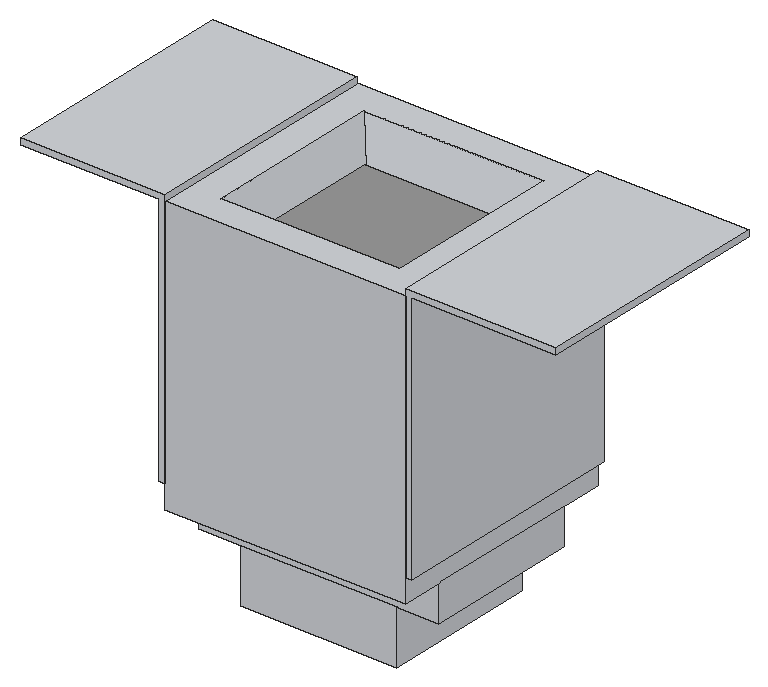
Revit family "2061055 Sylvania Lighting Fixture DOMINO 1xLED 940 BLACK MB TRIMLESS WHITE", category Lighting Fixtures, host Face, Revit 2018
Family settings
  Host = Face
  Round Connector Dimension = Use Diameter
  Part Type = Normal
  OmniClass Number = 23.80.70.00
  OmniClass Title = Lighting
  Cut with Voids When Loaded = No
  Light Source = Yes
  Shared = No
  Room Calculation Point = No
Parameters (values of type "2061055 DOMINO 1XLED 940 BLACK MB TS WHT ")
  top top width = 15.812 mm
  top top length = 26 mm
  bracket height = 42 mm
  Width = 50 mm
  Weight = "n/a"
  Wattage Comments = ""
  Wattage = 9.2903 W
  WarrantyStartDate [instance] = "n/a"
  WarrantyGuarantorParts = "n/a"
  WarrantyDurationUnit = "n/a"
  WarrantyDurationParts = ""
  WarrantyDescription = "http://www.sylvania-lighting.com"
  built-in parameter 1150110 = 1 (stored number, unit not read)
  Voltage = 0 V
  URL = "0.6"
  TypeName = "DOMINO 1xLED 940 BLACK MB TRIMLESS WHITE"
  Type Image = <None>
  Type Comments = "n/a"
  built-in parameter 1114217 = 1 (stored number, unit not read)
  Top Width = 26 mm
  Tilt Angle = 90.00°
  built-in parameter 1150109 = 1 (stored number, unit not read)
  built-in parameter 1150134 = 3
  built-in parameter 1150113 = 1 (stored number, unit not read)
  SerialNumber [instance] = "n/a"
  Recessed Width = 43 mm
  Recessed Length = 43 mm
  Photometric Web File = "2061055.ies"
  Material_3_FEILO = none
  PowerFactor = 0
  PowerConsumption = "Lighting"
  NominalLength = 40 mm
  NominalHeight = 0 mm
  NominalDepth = 0 mm
  Name = "DOMINO 1xLED 940 BLACK MB TRIMLESS WHITE"
  ModelReference = Name  # "DOMINO 1xLED 940 BLACK MB TRIMLESS WHITE"
  ModelNumber = "2061055"
  Model = Name  # "DOMINO 1xLED 940 BLACK MB TRIMLESS WHITE"
  Material = "Feilo Sylvania"
  ManufacturerName = "48 lm/W"
  Manufacturer = ""
  LuminousEfficacy = ""
  built-in parameter 1150105 = 109.82 (stored number, unit not read)
  Lumens = 1380 lm
  LuminaireType = "0"
  built-in parameter 1150115 = 1 (stored number, unit not read)
  LightOutputRatio = "LED"
  built-in parameter 1150137 = (empty or 0)
  built-in parameter 1150139 = (empty or 0)
  Lens inside recess = 25 mm
  Lens Width = 32 mm
  Lens Outside recess = 31.978 mm
  Lens = Glass, White, High Luminance
  Length = 50 mm
  LampsType = Lamp  # "n/a"
  LampNominalLuminous = "4000 K"
  LampMacAdamStep = "90"
  LampColourTemperature = "LED"
  LampColourRenderingIndex = "16500"
  built-in parameter 1150112 = 1 (stored number, unit not read)
  built-in parameter 1150114 = 1 (stored number, unit not read)
  Lamp = "n/a"
  Keynote = "n/a"
  InstallationDate [instance] = "n/a"
  InputVoltage = "0"
  InputNominalFrequency = "4000"
  built-in parameter 1150132 = (empty or 0)
  built-in parameter 1150102 = (empty or 0)
  built-in parameter 1150107 = 3200 (stored number, unit not read)
  built-in parameter 1150138 = (empty or 0)
  IngressProtection = "IfcLightFixtureType"
  ImpactProtectionIndex = "IfcLightFixtureType"
  built-in parameter 1150106 = 1.0982 (stored number, unit not read)
  IfcExportType = "IfcLightFixtureType"
  IfcExportAs = "Class II"
  Facia internal width = 37 mm
  Facia internal length = 37 mm
  Facia Height = 2 mm
  ExpectedLife = 50000
  Emit from Circle Diameter = 609.6 mm
  Emit Shape Visible in Rendering = no
  ElectricShockClassification = "48"
  built-in parameter 1150104 = 13.8 (stored number, unit not read)
  DurationUnit = "hours"
  DocumentationLiterature = "http://www.sylvania-lighting.com/product/en-int/products/2061055"
  DimmingControlOptions = "n/a"
  Material_2_FEILO = none
  Dimming Lamp Color Temperature Shift = <None>
  Description = "Modular LED recessed linear spotlight, ideal for retail and hospitality applications. Die-cast aluminium body, passive cooling. Two levels of reflector installation, low glaring UGR<16. 1x LED source, 30° beam angle , optics: PMMA lens and polycarbonate reflector combination, Black matt reflector finish. Light color temperature: 4000K neutral white, total system power: 4W , total fixture lumen output: 190lm, efficacy: 48 lm/W, Ra90 typical, LED chromacity: 3 step MacAdam ellipse (SDCM3), lifespan: 96,000 hours at 90% of the original output (L90B10), IR/UV free light source without heat radiation, operating voltage: 220-240V / 50-60Hz, electronic driver, ultra low flicker, non-dimmable , electrical protection: Class II. Degree of Protection: IP40/IP20, suitable for indoor environment only. Ceiling cut-out: 42x42mm, outer dimensions:  40x40mm , trimless frame RAL 9016 - Traffic white / Bezel color.5 years Warranty."
  Default Elevation = 1219.2 mm
  CreatedOn = "11/02/2021"
  CreatedBy = "@sylvania-lighting.com"
  Cost = 0
  Color Filter = 16777215
  built-in parameter 1114216 [instance] = (empty or 0)
  ClassificationValue = "EF_70_80"
  ClassificationName = "Uniclass2015"
  Material_1_FEILO = none
  Body Width = 40 mm
  Body Length = 40 mm
  BarCode [instance] = "n/a"
  built-in parameter 1114218 = 1 (stored number, unit not read)
  built-in parameter 1150133 = 10 (stored number, unit not read)
  AssetType = "Fixed"
  AssetIdentifier [instance] = "n/a"
  Assembly Code = "D5020200"
  Apparent Load = 4 VA
  Material_4_FEILO = none
Reference planes
  plane 1 "Center (Front/Back)": y = 0
  plane 2: z = 0
  plane 3 "Center (Left/Right)": x = 0
  plane 4: z = 0
  plane 5: z = -7
  plane 6: z = -45.895
  plane 7: z = -51.895
  plane 8: z = -60.895
  plane 9: x = -21.5
  plane 10: x = 21.5
  plane 11: y = 21.5
  plane 12: y = -21.5
  plane 13: x = -25
  plane 14: x = 25
  plane 15: y = 25
  plane 16: y = -25
  plane 17: x = 18.5
  plane 18: x = -18.5
  plane 19: y = 18.5
  plane 20: y = -18.5
  plane 21: z = 2
  plane 22: x = -20
  plane 23: x = 20
  plane 24: y = 20
  plane 25: y = -20
  plane 26: y = 13
  plane 27: y = -13
  plane 28: y = 16
  plane 29: y = -16
  plane 30: x = 13
  plane 31: x = -13
  plane 32: x = -15.772
  plane 33: x = 16.206
  plane 34: y = 12.5
  plane 35: y = -12.5
  plane 36: x = -12.5
  plane 37: x = 12.5
  plane 38: z = -42
  plane 39: x = -44
  plane 40: z = 0.969
  plane 41: x = -21
  plane 42: x = 21
  plane 43: x = 45
Forms (mm)
  Extrusion 1, solid, not visible, detail levels medium+fine
    sketch origin (4.2, 0, 0) x (1, 0, 0) y (0, 1, 0)
      loop
        line (-29.2, 34.5) -> (-29.2, -34.5) -> (20.8, -34.5) -> (20.8, 34.5) -> (-29.2, 34.5)
    from 0 to 1
  Extrusion 2, solid, not visible, detail levels medium+fine
    sketch origin (4.044, 0, 0) x (1, 0, 0) y (0, 1, 0)
      loop
        line (-29.2, 34.5) -> (-29.2, -34.5) -> (20.8, -34.5) -> (20.8, 34.5) -> (-29.2, 34.5)
    from 0 to 1
  Blend 3, solid, not visible, detail levels medium+fine
    base sketch origin (4.2, 0, 0) x (1, 0, 0) y (0, 1, 0)
      loop
        line (-29.2, 34.5) -> (-29.2, -34.5) -> (20.8, -34.5) -> (20.8, 34.5) -> (-29.2, 34.5)
    top sketch origin (4.2, 0, 0) x (1, 0, 0) y (0, 1, 0)
      loop
        line (-21.7, 28) -> (-21.7, -28) -> (13.3, -28) -> (13.3, 28) -> (-21.7, 28)
    from 1 to 3
  Extrusion 4, solid, not visible, detail levels medium+fine
    sketch origin (3.419, 0, 0) x (1, 0, 0) y (0, 1, 0)
      loop
        line (-29.2, 34.5) -> (-29.2, -34.5) -> (20.8, -34.5) -> (20.8, 34.5) -> (-29.2, 34.5)
    from 0 to 1
  Blend 5, solid, not visible, detail levels medium+fine
    base sketch origin (3.575, 0, 0) x (1, 0, 0) y (0, 1, 0)
      loop
        line (-29.2, 34.5) -> (-29.2, -34.5) -> (20.8, -34.5) -> (20.8, 34.5) -> (-29.2, 34.5)
    top sketch origin (3.575, 0, 0) x (1, 0, 0) y (0, 1, 0)
      loop
        line (-21.7, 28) -> (-21.7, -28) -> (13.3, -28) -> (13.3, 28) -> (-21.7, 28)
    from 1 to 3
  Extrusion 6, solid, not visible, detail levels medium+fine
    sketch origin (4.247, 0, 0) x (1, 0, 0) y (0, 1, 0)
      loop
        line (-29.2, 34.5) -> (-29.2, -34.5) -> (20.8, -34.5) -> (20.8, 34.5) -> (-29.2, 34.5)
    from 0 to 1
  Blend 7, solid, not visible, detail levels medium+fine
    base sketch origin (4.403, 0, 0) x (1, 0, 0) y (0, 1, 0)
      loop
        line (-29.2, 34.5) -> (-29.2, -34.5) -> (20.8, -34.5) -> (20.8, 34.5) -> (-29.2, 34.5)
    top sketch origin (4.403, 0, 0) x (1, 0, 0) y (0, 1, 0)
      loop
        line (-21.7, 28) -> (-21.7, -28) -> (13.3, -28) -> (13.3, 28) -> (-21.7, 28)
    from 1 to 3
  Extrusion 8, void, detail levels medium+fine
    sketch origin (4.2, 0, 0) x (0, 1, 0) y (1, 0, 0)
      loop
        line (21.5, -25.7) -> (21.5, 17.3) -> (-21.5, 17.3) -> (-21.5, -25.7) -> (21.5, -25.7)
    from -9.934 to 83.097
  Extrusion 9, solid, detail levels medium+fine
    sketch origin (4.2, 0, 0) x (1, 0, 0) y (0, 1, 0)
      loop
        line (-24.2, 20) -> (-24.2, -20) -> (15.8, -20) -> (15.8, 20) -> (-24.2, 20)
    from 0 to -45.895
  Extrusion 10, solid, detail levels medium+fine
    sketch origin (4.2, 0, 0) x (1, 0, 0) y (0, 1, 0)
      loop
        line (-24.2, 13) -> (-24.2, -13) -> (15.8, -13) -> (15.8, 13) -> (-24.2, 13)
    from -51.895 to -45.895
  Extrusion 11, solid, material "Glass, White, High Luminance" <- "Lens", detail levels fine
    sketch origin (13.547, 1218.849, 36.156) x (1, 0, 0) y (0, 1, 0)
      loop
        line (-26.047, -1206.7) -> (-26.047, -1231.7) -> (-1.047, -1231.7) -> (-1.047, -1206.7) -> (-26.047, -1206.7)
    from -43.156 to -42.182
  Extrusion 12, solid, detail levels fine
    sketch origin (0, 0, 0) x (1, 0, 0) y (0, 0, 1)
      loop
        line (-13, -51.895) -> (-13, -60.895) -> (13, -60.895) -> (13, -51.895) -> (-13, -51.895)
    from -13 to 13
  Blend 13, void, detail levels medium+fine
    base sketch origin (4.2, 0, 0) x (0, 1, 0) y (-1, 0, 0)
      loop
        line (16, 19.972) -> (-16, 19.972) -> (-16, -12.006) -> (16, -12.006) -> (16, 19.972)
    top sketch origin (4.2, 0, 0) x (0, 1, 0) y (-1, 0, 0)
      loop
        line (12.5, 16.7) -> (-12.5, 16.7) -> (-12.5, -8.3) -> (12.5, -8.3) -> (12.5, 16.7)
    from 3 to -7
  Extrusion 14, solid, detail levels coarse
    sketch origin (4.2, 0, 0) x (1, 0, 0) y (0, 1, 0)
      loop
        line (-48.2, 20) -> (-48.2, -20) -> (40.8, -20) -> (40.8, 20) -> (-48.2, 20)
    from 3 to -60.895
  Extrusion 15, solid, detail levels medium+fine
    sketch origin (0, 0, 0) x (1, 0, 0) y (0, 0, 1)
      loop
        line (-44, 0.969) -> (-44, 0) -> (-21, 0) -> (-21, -42) -> (-20, -42) -> (-20, 0.969) -> (-44, 0.969)
    from -20 to 20
  Extrusion 16, solid, detail levels medium+fine
    sketch origin (0, 0, 0) x (1, 0, 0) y (0, 0, 1)
      loop
        line (45, 0.969) -> (20, 0.969) -> (20, -42) -> (21, -42) -> (21, 0) -> (45, 0) -> (45, 0.969)
    from -20 to 20
Cuts and joins
  Blend 13 cuts Extrusion 9
Dimensions and locks
  "Recessed Length": plane 9 to plane 10
  equal spacing: plane 9, plane 3 "Center (Left/Right)", plane 10
  "Length": plane 13 to plane 14
  equal spacing: plane 13, plane 3 "Center (Left/Right)", plane 14
  "Recessed Width": plane 11 to plane 12
  equal spacing: plane 11, plane 1 "Center (Front/Back)", plane 12
  "Width": plane 15 to plane 16
  equal spacing: plane 15, plane 1 "Center (Front/Back)", plane 16
  "Facia internal length": plane 18 to plane 17
  equal spacing: plane 18, plane 3 "Center (Left/Right)", plane 17
  "Facia internal width": plane 19 to plane 20
  equal spacing: plane 19, plane 1 "Center (Front/Back)", plane 20
  "Facia Height": plane 21 to host face
  "Body Length": plane 22 to plane 23
  equal spacing: plane 22, plane 3 "Center (Left/Right)", plane 23
  "Body Width": plane 24 to plane 25
  equal spacing: plane 24, plane 1 "Center (Front/Back)", plane 25
  "Top Width": plane 26 to plane 27
  equal spacing: plane 26, plane 1 "Center (Front/Back)", plane 27
  "Lens Width": plane 28 to plane 29
  equal spacing: plane 28, plane 1 "Center (Front/Back)", plane 29
  "top top length": plane 31 to plane 30
  equal spacing: plane 31, plane 3 "Center (Left/Right)", plane 30  (x2)
  plane 30 to plane 31 = 26 mm
  equal spacing: plane 30, plane 3 "Center (Left/Right)", plane 31
  "Lens Outside recess": plane 32 to plane 33
  "Lens inside recess": plane 34 to plane 35
  equal spacing: plane 34, plane 1 "Center (Front/Back)", plane 35
  "bracket height": host face to plane 38
  aligned and locked: plane 2 to host face
  aligned and locked: level to host face
  aligned and locked: Extrusion 10 to plane 7
  aligned and locked: Extrusion 9 to plane 6
Automatic sketch dimensions
  host sketch curve to host sketch curve = 2438.4 mm  (x2)
  Extrusion 1 sketch curve to Extrusion 1 sketch curve = 50 mm
  Extrusion 1 sketch curve to Extrusion 1 sketch curve = 69 mm
  Extrusion 2 sketch curve to Extrusion 2 sketch curve = 50 mm
  Extrusion 2 sketch curve to Extrusion 2 sketch curve = 69 mm
  Blend 3 sketch curve to Blend 3 sketch curve = 50 mm
  Blend 3 sketch curve to Blend 3 sketch curve = 69 mm
  Blend 3 sketch curve to Blend 3 sketch curve = 35 mm
  Blend 3 sketch curve to Blend 3 sketch curve = 56 mm
  Extrusion 4 sketch curve to Extrusion 4 sketch curve = 50 mm
  Extrusion 4 sketch curve to Extrusion 4 sketch curve = 69 mm
  Blend 5 sketch curve to Blend 5 sketch curve = 50 mm
  Blend 5 sketch curve to Blend 5 sketch curve = 69 mm
  Blend 5 sketch curve to Blend 5 sketch curve = 35 mm
  Blend 5 sketch curve to Blend 5 sketch curve = 56 mm
  Extrusion 6 sketch curve to Extrusion 6 sketch curve = 50 mm
  Extrusion 6 sketch curve to Extrusion 6 sketch curve = 69 mm
  Blend 7 sketch curve to Blend 7 sketch curve = 50 mm
  Blend 7 sketch curve to Blend 7 sketch curve = 69 mm
  Blend 7 sketch curve to Blend 7 sketch curve = 35 mm
  Blend 7 sketch curve to Blend 7 sketch curve = 56 mm
  plane 9 to Extrusion 8 sketch curve = 0 mm
  Extrusion 8 sketch curve to plane 12 = 0 mm
  Extrusion 8 sketch curve to plane 11 = 0 mm
  Extrusion 8 sketch curve to plane 10 = 0 mm
  Extrusion 9 sketch curve to plane 22 = 0 mm
  Extrusion 9 sketch curve to plane 23 = 0 mm
  Extrusion 9 sketch curve to plane 25 = 0 mm
  Extrusion 9 sketch curve to plane 24 = 0 mm
  Extrusion 10 sketch curve to plane 22 = 0 mm
  Extrusion 10 sketch curve to plane 23 = 0 mm
  Extrusion 10 sketch curve to plane 27 = 0 mm
  Extrusion 10 sketch curve to plane 26 = 0 mm
  Extrusion 11 sketch curve to plane 11 = 9.351 mm
  plane 1 "Center (Front/Back)" to Extrusion 11 sketch curve = 12.851 mm
  plane 18 to Extrusion 11 sketch curve = 6 mm
  Extrusion 11 sketch curve to Extrusion 11 sketch curve = 25 mm
  Extrusion 12 sketch curve to plane 8 = 0 mm
  Extrusion 12 sketch curve to plane 31 = 0 mm
  Extrusion 12 sketch curve to plane 30 = 0 mm
  Extrusion 12 sketch curve to plane 7 = 0 mm
  Blend 13 sketch curve to plane 29 = 0 mm
  Blend 13 sketch curve to plane 28 = 0 mm
  Blend 13 sketch curve to plane 33 = 0 mm
  Blend 13 sketch curve to plane 32 = 0 mm
  Blend 13 sketch curve to plane 35 = 0 mm
  Blend 13 sketch curve to plane 34 = 0 mm
  Blend 13 sketch curve to plane 37 = 0 mm
  Blend 13 sketch curve to plane 36 = 0 mm
  Extrusion 14 sketch curve to plane 13 = 19 mm
  plane 14 to Extrusion 14 sketch curve = 20 mm
  plane 16 to Extrusion 14 sketch curve = 5 mm
  Extrusion 14 sketch curve to plane 15 = 5 mm
  Extrusion 15 sketch curve to plane 39 = 0 mm
  Extrusion 15 sketch curve to level = 0 mm
  plane 9 to Extrusion 15 sketch curve = 1.5 mm
  Extrusion 15 sketch curve to plane 38 = 0 mm
  Extrusion 15 sketch curve to plane 40 = 0 mm
  plane 9 to Extrusion 15 sketch curve = 0.5 mm
  Extrusion 16 sketch curve to plane 21 = 1.031 mm
  Extrusion 16 sketch curve to plane 23 = 0 mm
  Extrusion 16 sketch curve to plane 38 = 0 mm
  Extrusion 16 sketch curve to plane 42 = 0 mm
  Extrusion 16 sketch curve to plane 43 = 0 mm
  Extrusion 16 sketch curve to level = 0 mm
Connectors
  electrical at (0, 0, -60.895)
    settings: on Extrusion 12, index 1, voltage 0 V, apparent load 0 VA, apparent load phase1 0 VA, apparent load phase2 0 VA, apparent load phase3 0 VA, power factor 1, load classification "Other", number of poles 1, system type 31, power factor state 1, is connector primary yes, connector utility no, sub classification motor no, connector description ""
